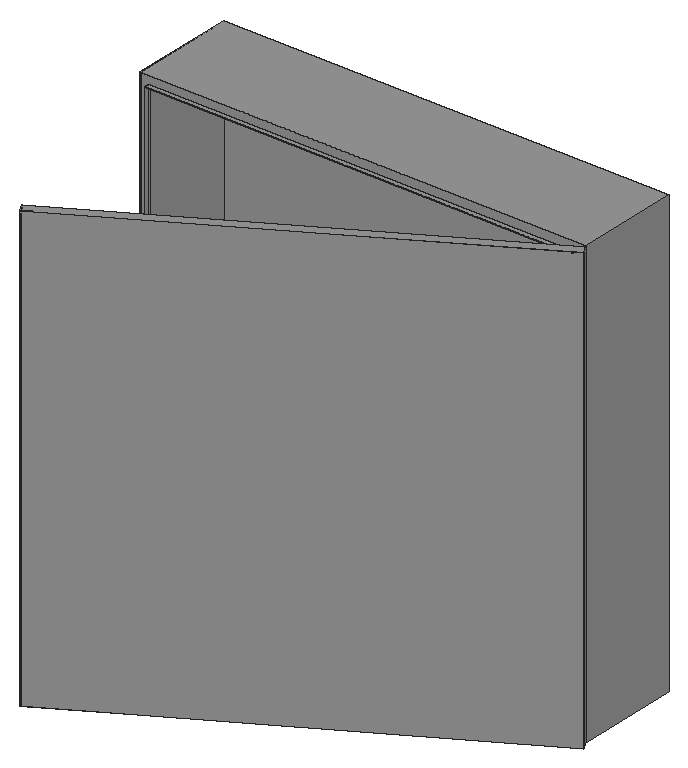
Revit family "Hager-Univers-IP54-D205-H800-Cl.II-Encl-NoHosted-NL-en", category Equipement électrique, Revit 2020
Family settings
  Configuration du panneau = Deux colonnes, circuits au sein
  Cote de connecteur circulaire = Utiliser le diamètre
  Type d'élément = Tableau de raccordement
  Basée sur le plan de construction = Oui
  Toujours verticalement = Oui
  Couper avec des vides une fois chargée = Non
  Partagée = Non
  Point de calcul de pièce = Non
Parameters (values of type "Surface mounted (plaster) IP54 W800 H800 D205  - FP53QSW")
  Width Control [instance] = if([EF000008 - Width] > Min Width, [EF000008 - Width], Min Width)  # 800 mm
  Commentaires du type = [HG000003 - Range]  # "Univers"
  Thickness Door [instance] = if([EF009171 - Material plate thickness door/cover] > 3 mm, 3 mm, [EF009171 - Material plate thickness door/cover])  # 1 mm
  Seal Frame Offset [instance] = 17 mm  # constant formula
  Plinth Visibility [instance] = [HG000027 - Plinth height] > 0 mm  # no
  Min Width [instance] = 100 mm  # constant formula
  Min Depth [instance] = (2 * [EF009170 - Material plate thickness cabinet]) + 1 mm  # 3 mm
  Min Height [instance] = 100 mm  # constant formula
  Internal Frame Depth [instance] = (Door System Depth * 0.5)  # 9 mm
  Panel Name [instance] = ""  # (empty or 0)
  Model = ""
  HG000027 - Plinth height = 0 mm
  HG000026 - Floor standing = no
  HG000024 - Bottom section height = 600 mm
  HG000023 - Double section enclosure = no
  HG000016 - Door 3d visibility [instance] = yes
  HG000015 - Clearance visibility [instance] = no
  HG000014 - Door on the right [instance] = yes
  HG000013 - Door on the left [instance] = not([HG000014 - Door on the right])  # no
  HG000012 - Door swing angle [instance] = 30.00°
  HG000010 - Asymmetric doors = no
  HG000009 - Double swing door = no
  HG000006 - Flush mounted = no
  HG000004 - Manufacturer reference = "FP53QSW"
  HG000003 - Range = "Univers"
  HG000002 - With door or cover = yes
  Frame Offset Bottom [instance] = 10 mm  # constant formula
  Frame Offset [instance] = 15 mm  # constant formula
  EF015940 - Cover with overpressure release = no
  EF011959 - Degree of protection (NEMA) = ""
  EF009554 - Number of openings for flange plates = 6
  EF009212 - Cover model = "EV000116 - Closed"
  EF009171 - Material plate thickness door/cover = 1 mm
  EF009170 - Material plate thickness cabinet = 1 mm
  EF008873 - Nominal current (In) = 250 A
  EF007800 - Suitable for lightning protection = no
  EF006306 - With lock = no
  EF006244 - Transparent cover/door = no
  EF005474 - Degree of protection (IP) = "EV006419 - IP54"
  EF004464 - Type of door = "EV002646 - Single"
  EF004427 - Number of modules = 180
  EF004293 - Impact strength = "EV006815 - IK09"
  EF003532 - Suitable for outdoor use = no
  EF002950 - Width in number of modular spacings = 36
  EF001613 - Circuit integrity = "EV000494 - None"
  EF001596 - Material housing = "EV000179 - Steel"
  EF001131 - Internal depth = 143 mm
  EF001088 - Extension possible = yes
  EF000437 - Number of conduit inlets = 6
  EF000339 - Type of cover = "EV001012 - Cover"
  EF000266 - Number of rows = 5
  EF000218 - Built-in depth = 0 mm
  EF000118 - With mounting plate = no
  EF000116 - RAL-number = "9010"
  EF000049 - Depth = 205 mm
  EF000040 - Height = 800 mm
  EF000008 - Width = 800 mm
  EF000007 - Colour = "EV000202 - White"
  EF000003 - Mounting method = "EV000384 - Surface mounted (plaster)"
  Door System Leaf Tolerance [instance] = 1.5 mm  # constant formula
  Door System Depth [instance] = 18 mm  # constant formula
  Door Height [instance] = Height Control - [HG000027 - Plinth height]  # 800 mm
  Description = ""
  Default Elevation = 1219.2 mm
  Connector Offset [instance] = Height Control / 2  # 400 mm
  Fabricant = "Hager"  # constant formula
  Height Control [instance] = if([EF000040 - Height] > Min Height, [EF000040 - Height], Min Height)  # 800 mm
  Depth Control [instance] = if([EF000049 - Depth] > Min Depth, [EF000049 - Depth], Min Depth)  # 205 mm
  Bottom Top Plate Trim [instance] = 1.5 mm  # constant formula
  Plinth height Ctrl [instance] = if([HG000027 - Plinth height] > 0 mm, [HG000027 - Plinth height], 12 mm)  # 12 mm
Types (2, lengths in mm): name | Width Control | HG000004 - Manufacturer reference | EF009554 - Number of openings for flange plates | EF004427 - Number of modules | EF002950 - Width in number of modular spacings | EF000437 - Number of conduit inlets | EF000008 - Width
  Surface mounted (plaster) IP54 W550 H800 D205  - FP52QSW | 550 | "FP52QSW" | 4 | 120 | 24 | 4 | 550
  Surface mounted (plaster) IP54 W800 H800 D205  - FP53QSW | 800 | "FP53QSW" | 6 | 180 | 36 | 6 | 800
Reference planes
  plane 1 "Center (Front/Back)": y = 0
  plane 2: z = 0
  plane 3 "Center (Left/Right)": x = 0
  plane 4: y = 0
  plane 5: y = 0
  plane 6: z = 0
  plane 7: x = -400
  plane 8: x = 400
  plane 9: x = 399
  plane 10: x = -399
  plane 11: z = 0
  plane 12: z = 1
  plane 13: y = -205
  plane 14: y = -1
  plane 15: x = 0
  plane 16: y = -187
  plane 17: y = -204
  plane 18: y = -186
  plane 19: x = -384
  plane 20: x = 384
  plane 21: z = 11
  plane 22: x = -383
  plane 23: x = 383
  plane 24: z = 0
  plane 25: z = 800
  plane 26: z = 800
  plane 27: z = 784
  plane 28: z = 799
Forms (mm)
  Extrusion 1, solid, material "Hager_Steel_RAL7035_Light_Grey", detail levels medium+fine
    sketch origin (-208.679, -4572, 0) x (-1, 0, 0) y (0, -1, 0)
      loop
        line (191.321, -4385) -> (-608.679, -4385) -> (-608.679, -4572) -> (191.321, -4572) -> (191.321, -4385)
    from 0 to 800
  Extrusion 2, void
    sketch origin (-350.771, -205, 1219.2) x (1, 0, 0) y (0, 0, 1)
      loop
        line (-48.229, -420.2) -> (-48.229, -1218.2) -> (749.771, -1218.2) -> (749.771, -420.2) -> (-48.229, -420.2)
    from -19 to -204
  Extrusion 3, void
    sketch origin (-290.084, -187, 1219.2) x (1, 0, 0) y (0, 0, 1)
      loop
        line (-93.916, -1208.2) -> (674.084, -1208.2) -> (674.084, -435.2) -> (-93.916, -435.2) -> (-93.916, -1208.2)
    from 0 to -1
  Extrusion 4, solid, material "Hager_Steel_RAL7035_Light_Grey", visible <- "Plinth Visibility", detail levels medium+fine
    sketch origin (0, 0, 0) x (1, 0, 0) y (0, 1, 0)
      loop
        line (-400, 0) -> (-400, -187) -> (400, -187) -> (400, 0) -> (-400, 0)
    from 0 to 12 <- "Plinth height Ctrl"
  Extrusion 5, solid, material "Hager_Steel_RAL7035_Light_Grey", detail levels coarse
    sketch origin (0, 0, 0) x (1, 0, 0) y (0, 1, 0)
      loop
        line (-400, 0) -> (-400, -205) -> (400, -205) -> (400, 0) -> (-400, 0)
    from 0 to 800 <- "Height Control"
  Sweep 6, void
    path in 3D
      loop
        line (-400, -187, 12) -> (400, -187, 12) -> (400, 0, 12) -> (-400, 0, 12) -> (-400, -187, 12)
    profile origin (-400, -93.5, 12) x (1, 0, 0) y (0, 0, 1)
      loop
        line (0, 0) -> (0, -1.5) -> (1.5, -1.5)
        arc (1.5, -1.5) -> (1.061, -0.439) -> (0, 0) r 1.5
  Extrusion 7, solid, material "Hager_Steel_RAL7035_Light_Grey", detail levels fine
    sketch origin (-400, -187, 0) x (1, 0, 0) y (0, 0, 1)
      loop
        line (16, 11) -> (784, 11) -> (784, 784) -> (16, 784) -> (16, 11)
      loop
        line (15, 10) -> (785, 10) -> (785, 785) -> (15, 785) -> (15, 10)
    from 0 to 9 <- "Internal Frame Depth"
Cuts and joins
  Extrusion 2, Extrusion 3 cuts Extrusion 1
  Sweep 6 cuts Extrusion 4
Lines and regions (mm)
  Masking region 1
    outline origin (0, 0, 0) x (1, 0, 0) y (0, 1, 0)
      loop
        line (-400, 0) -> (-400, -205) -> (400, -205) -> (400, 0) -> (-400, 0)
  Masking region 2, detail levels coarse
    outline origin (-290.084, -187, 1219.2) x (-1, 0, 0) y (0, 0, 1)
      loop
        line (-690.084, -1219.2) -> (109.916, -1219.2) -> (109.916, -419.2) -> (-690.084, -419.2) -> (-690.084, -1219.2)
  Masking region 3, detail levels coarse
    outline origin (0, 0, 0) x (0, 1, 0) y (0, 0, 1)
      loop
        line (0, 0) -> (0, 800) -> (-205, 800) -> (-205, 0) -> (0, 0)
  Masking region 4, visible <- "Plinth Visibility", detail levels medium+fine
    outline origin (0, 0, 0) x (0, 1, 0) y (0, 0, 1)
      loop
        line (-1.5, 12) -> (-185.5, 12)
        arc (-185.5, 12) -> (-185.939, 10.939) -> (-187, 10.5) r 1.5
        line (-187, 10.5) -> (-187, 0) -> (0, 0) -> (0, 10.5)
        arc (0, 10.5) -> (-1.061, 10.939) -> (-1.5, 12) r 1.5
  Masking region 5, detail levels medium+fine
    outline origin (0, 0, 594.038) x (0, 1, 0) y (0, 0, 1)
      loop
        line (0, -594.038) -> (0, 205.962) -> (-187, 205.962) -> (-187, -594.038) -> (0, -594.038)
  Masking region 6, detail levels medium+fine
    outline origin (-359.7, -187, 1211.883) x (-1, 0, 0) y (0, 0, 1)
      loop
        line (-759.7, -1211.883) -> (40.3, -1211.883) -> (40.3, -411.883) -> (-759.7, -411.883) -> (-759.7, -1211.883)
  Masking region 7, visible <- "Plinth Visibility", detail levels medium+fine
    outline origin (-320.334, -187, 1041.368) x (-1, 0, 0) y (0, 0, 1)
      loop
        line (-720.334, -1041.368) -> (79.666, -1041.368) -> (79.666, -1030.868)
        arc (79.666, -1030.868) -> (78.606, -1030.429) -> (78.166, -1029.368) r 1.5
        line (78.166, -1029.368) -> (-718.834, -1029.368)
        arc (-718.834, -1029.368) -> (-719.273, -1030.429) -> (-720.334, -1030.868) r 1.5
        line (-720.334, -1030.868) -> (-720.334, -1041.368)
  sketch lines
    curve 1: line (-400, 0, 12) -> (-400, -187, 12)
    curve 2: line (-400, -187, 12) -> (400, -187, 12)
    curve 3: line (400, 0, 12) -> (-400, 0, 12)
    curve 4: line (400, -187, 12) -> (400, 0, 12)
Dimensions and locks
  locked: plane 1 "Center (Front/Back)" to plane 5
  "EF009170 - Material plate thickness cabinet": plane 7 to plane 10
  "EF009170 - Material plate thickness cabinet": plane 8 to plane 9
  equal spacing: plane 7, plane 3 "Center (Left/Right)", plane 8
  "Width Control": plane 7 to plane 8
  "Depth Control": plane 4 to plane 13
  "EF009170 - Material plate thickness cabinet": plane 4 to plane 14
  "Height Control": plane 25 to level
  "HG000027 - Plinth height": plane 11 to level
  "EF009170 - Material plate thickness cabinet": plane 12 to plane 11
  "EF009170 - Material plate thickness cabinet": plane 17 to plane 13
  "EF009170 - Material plate thickness cabinet": plane 18 to plane 16
  "Frame Offset Bottom": plane 21 to plane 12
  "Frame Offset": plane 10 to plane 19
  "Frame Offset": plane 9 to plane 20
  "Door System Depth": plane 16 to plane 13
  "Seal Frame Offset": plane 7 to plane 22
  "Seal Frame Offset": plane 8 to plane 23
  "EF009170 - Material plate thickness cabinet": plane 26 to plane 28
  "Frame Offset": plane 28 to plane 27
  "Connector Offset": plane 2 to connector elem
  "Bottom Top Plate Trim": profile plane to Sweep 6 sketch curve
  "Bottom Top Plate Trim": Sweep 6 sketch curve to Sweep 6 sketch curve
  "Plinth height Ctrl": Masking region 4 sketch curve to level
  "Plinth height Ctrl": Masking region 7 sketch curve to level
  "Thickness Door": Extrusion 7 sketch curve to Extrusion 7 sketch curve  (x4)
  "Bottom Top Plate Trim": radius of Sweep 6 sketch curve
  "Bottom Top Plate Trim": radius of Masking region 4 sketch curve  (x2)
  "Bottom Top Plate Trim": radius of Masking region 7 sketch curve  (x2)
  aligned and locked: Extrusion 2 sketch curve to plane 12
  aligned and locked: Extrusion 2 sketch curve to plane 9
  aligned and locked: Extrusion 2 sketch curve to plane 10
  aligned and locked: Extrusion 2 to plane 14
  aligned and locked: Extrusion 1 sketch curve to plane 4
  aligned and locked: plane 8 to Extrusion 1 sketch curve
  aligned and locked: plane 7 to Extrusion 1 sketch curve
  aligned and locked: Extrusion 2 to plane 18
  aligned and locked: Extrusion 3 sketch curve to plane 19
  aligned and locked: plane 20 to Extrusion 3 sketch curve
  aligned and locked: Extrusion 3 to Extrusion 2
  aligned and locked: Extrusion 3 sketch curve to plane 21
  aligned and locked: plane 3 "Center (Left/Right)" to nested 1
  aligned and locked: Extrusion 1 sketch curve to plane 16
  aligned and locked: Extrusion 4 sketch curve to cut or joined group of Extrusion 1, Extrusion 2, Extrusion 3
  aligned and locked: Masking region 1 sketch curve to plane 7
  aligned and locked: Masking region 1 sketch curve to plane 5
  aligned and locked: Masking region 1 sketch curve to plane 8
  aligned and locked: Masking region 2 sketch curve to level
  aligned and locked: level to Masking region 3 sketch curve
  aligned and locked: plane 1 "Center (Front/Back)" to Masking region 3 sketch curve
  aligned and locked: plane 13 to Masking region 3 sketch curve
  aligned and locked: plane 5 to Masking region 4 sketch curve
  aligned and locked: Masking region 2 sketch curve to plane 8
  aligned and locked: Masking region 2 sketch curve to plane 7
  aligned and locked: plane 7 to nested 2
  aligned and locked: nested 2 to plane 5
  aligned and locked: plane 5 to Masking region 5 sketch curve
  aligned and locked: plane 26 to Masking region 5 sketch curve
  aligned and locked: Extrusion 5 sketch curve to plane 8
  aligned and locked: Extrusion 5 sketch curve to plane 7
  aligned and locked: Extrusion 5 sketch curve to plane 5
  aligned and locked: Extrusion 3 sketch curve to plane 27
  aligned and locked: Extrusion 2 sketch curve to plane 28
  aligned and locked: Masking region 2 to plane 25
  aligned and locked: Extrusion 4 to plane 16
  aligned and locked: profile plane to Sweep 6 sketch curve
  aligned and locked: Masking region 5 sketch curve to plane 24
  aligned and locked: level to Masking region 4 sketch curve
  aligned and locked: Masking region 1 to plane 13
  aligned and locked: nested 1 to plane 16
  aligned and locked: Masking region 3 to plane 25
  aligned and locked: plane 16 to Masking region 4 sketch curve
  aligned and locked: Masking region 5 sketch curve to plane 16
  aligned and locked: plane 24 to plane 11
  aligned and locked: plane 26 to plane 25
  aligned and locked: plane 26 to cut or joined group of Extrusion 1, Extrusion 2, Extrusion 3
  aligned and locked: nested 1 to plane 24
  aligned and locked: Extrusion 1 to Extrusion 3
  aligned and locked: Masking region 6 sketch curve to plane 8
  aligned and locked: Masking region 6 sketch curve to plane 24
  aligned and locked: Masking region 6 sketch curve to plane 7
  aligned and locked: Masking region 6 sketch curve to plane 26
  aligned and locked: Masking region 7 sketch curve to plane 7
  aligned and locked: level to Masking region 7 sketch curve
  aligned and locked: Masking region 7 sketch curve to plane 8
  aligned and locked: Extrusion 7 sketch curve to cut or joined group of Extrusion 1, Extrusion 2, Extrusion 3  (x4)
Automatic sketch dimensions
  plane 19 to Extrusion 3 sketch curve = 0 mm
  Extrusion 3 sketch curve to plane 20 = 0 mm
  Extrusion 3 sketch curve to plane 21 = 0 mm
  Extrusion 4 sketch curve to plane 7 = 0 mm
  Extrusion 4 sketch curve to plane 8 = 0 mm
  Extrusion 4 sketch curve to plane 16 = 0 mm
  Masking region 1 sketch curve to plane 13 = 0 mm
  Masking region 2 sketch curve to plane 25 = 0 mm
  Masking region 3 sketch curve to plane 25 = 0 mm
  Extrusion 5 sketch curve to plane 13 = 0 mm
  profile plane to Sweep 6 sketch curve = 0 mm
Nested families
  nested 1: "EC000058_Univers_Door" at (0, -187, 0), Double <- "HG000009 - Double swing door", Transparent <- "EF006244 - Transparent cover/door", Angle <- "HG000012 - Door swing angle", Door_Right <- "HG000014 - Door on the right", Assymetrical <- "HG000010 - Asymmetric doors", Door <- "HG000002 - With door or cover", Width_Ctrl <- "Width Control", 3d_Door <- "HG000016 - Door 3d visibility", Clearance <- "HG000015 - Clearance visibility", Door_Left <- "HG000013 - Door on the left", Width <- "Width Control", Door_Depth <- "Door System Depth", Leaf_Tolerance <- "Door System Leaf Tolerance", Height <- "Door Height", Lock_Visibility <- "EF006306 - With lock", Thickness <- "Thickness Door", type "EC000058_Univers_Door", detail levels medium+fine
    with min_wh 3 mm, Width_Ctrl 800 mm, Width 800 mm, Transparent no, Thickness 1 mm, Seal_Material Hager_Rubber, Lock_Visibility no, Lock_Material Hager_Plastic_RAL9005_Jet_Black, Leaf_Width 800 mm, Leaf_Tolerance_External_Sides 0 mm, Leaf_Tolerance 1.5 mm, Leaf_Offset 0 mm, Leaf_Height 797 mm, Leaf_2_Width 800 mm, Leaf_2_Offset 400 mm, Leaf_1_Width 800 mm, Leaf_1_Offset 400 mm, Height_Ctrl 800 mm, Height 800 mm, Glass_Material Hager_Glass, Double_Clearance_Ctrl no, Double no, Door_Right_Ctrl yes, Door_Right yes, Door_Material Hager_Steel_RAL7035_Light_Grey, Door_Left_Ctrl no, Door_Left no, Door_Depth 18 mm, Door yes, Clearance_Material Hager_Clearance, Clearance_Depth 800 mm, Clearance_Ctrl no, Clearance no, Assymetrical no, Angle 30.00°, 3d_Door yes
  nested 2: "Hager_Enclosure_Symbol" at (-400, 0, 0), Height <- "Depth Control", Width <- "Width Control", type "Hager_Enclosure_Symbol"
    with Width_Ctrl 800 mm, Width 800 mm, Height_Ctrl 205 mm, Height 205 mm, A_Width_Int 13.453 mm, A_Width 161.438 mm, A_Height_Ctrl 179.375 mm, A_Height 179.375 mm
Connectors
  electrical at (0, 0, 400)
    settings: on plane 1 "Center (Front/Back)", index 1, voltage 0 V, apparent load 0 VA, apparent load phase1 0 VA, apparent load phase2 0 VA, apparent load phase3 0 VA, power factor 1, load classification "Other", number of poles 1, system type 30, power factor state 1, is connector primary yes, connector utility no, sub classification motor no, connector description ""
Definition of nested family "EC000058_Univers_Door"
  Parameters (values of type "EC000058_Univers_Door")
    min_wh [instance] = (2 * Thickness) + 1 mm  # 11 mm
    Width_Ctrl [instance] = 400 mm
    Width [instance] = 500 mm
    Transparent [instance] = yes
    Thickness [instance] = 5 mm
    Seal_Material [instance] = none
    Lock_Visibility [instance] = yes
    Lock_Material [instance] = none
    Leaf_Width [instance] = if((Width_Ctrl - 2 * Leaf_Tolerance_External_Sides) > 0 mm, (Width_Ctrl - 2 * Leaf_Tolerance_External_Sides), min_wh)  # 400 mm
    Leaf_Tolerance_External_Sides [instance] = 0 mm  # constant formula
    Leaf_Tolerance [instance] = 1.5 mm
    Leaf_Offset [instance] = 0 mm  # constant formula
    Leaf_Height [instance] = if((Height_Ctrl - 2 * Leaf_Tolerance) > 0 mm, (Height_Ctrl - 2 * Leaf_Tolerance), min_wh)  # 497 mm
    Leaf_2_Width [instance] = if(and(and(Double, Assymetrical), Door_Left), (Leaf_Width / 3) - (Leaf_Tolerance / 2), if(and(and(Double, Assymetrical), Door_Right), (Leaf_Width / 3) * 2 - (Leaf_Tolerance / 2), if(and(Double, not(Assymetrical)), (Leaf_Width / 2) - Leaf_Tolerance, Leaf_Width)))  # 400 mm
    Leaf_2_Offset [instance] = if(and(Double, Assymetrical), Leaf_2_Width / 2, if(and(Double, not(Assymetrical)), Leaf_Width / 4, Leaf_Width / 2))  # 200 mm
    Leaf_1_Width [instance] = if(and(and(Double, Assymetrical), Door_Right), (Leaf_Width / 3) - (Leaf_Tolerance / 2), if(and(and(Double, Assymetrical), Door_Left), (Width / 3) * 2 - (Leaf_Tolerance / 2), if(and(Double, not(Assymetrical)), (Leaf_Width / 2) - Leaf_Tolerance, Leaf_Width)))  # 400 mm
    Leaf_1_Offset [instance] = if(and(Double, Assymetrical), Leaf_1_Width / 2, if(and(Double, not(Assymetrical)), Leaf_Width / 4, Leaf_Width / 2))  # 200 mm
    Height_Ctrl [instance] = if(Height > min_wh, Height, min_wh)  # 500 mm
    Height [instance] = 500 mm
    Glass_Material [instance] = none
    Double_Clearance_Ctrl [instance] = and(Double, Clearance)  # no
    Double [instance] = no
    Door_Right_Ctrl [instance] = and(or(Door_Right, Double), Door)  # yes
    Door_Right [instance] = yes
    Door_Material [instance] = none
    Door_Left_Ctrl [instance] = and(or(Door_Left, Double), Door)  # no
    Door_Left [instance] = no
    Door_Depth [instance] = 30 mm
    Door [instance] = yes
    Default Elevation = 1219.2 mm
    Clearance_Material [instance] = none
    Clearance_Depth [instance] = if(Leaf_1_Width > Leaf_2_Width, Leaf_1_Width, Leaf_2_Width)  # 400 mm
    Clearance_Ctrl [instance] = and(not(Double), Clearance)  # yes
    Clearance [instance] = yes
    Assymetrical [instance] = yes
    Angle [instance] = 30.00°
    3d_Door [instance] = yes
  Reference planes
    plane 1 "Center (Front/Back)": y = 0
    plane 2 "Bottom": z = 0
    plane 3 "Center (Left/Right)": x = 0
    plane 4: z = 500
    plane 5: x = -200
    plane 6: x = 200
    plane 7: z = 500
    plane 8: x = -200
    plane 9: z = 0
    plane 10: x = 200
    plane 11: y = 0
    plane 12: z = 1.5
    plane 13: x = -600
    plane 14: y = -400
    plane 15: x = 600
    plane 16: x = 0
    plane 17: x = 0
    plane 18: x = -200
    plane 19: x = 200
    plane 20: z = 498.5
  Forms (mm)
    Extrusion 1, solid, material <- "Clearance_Material", visible <- "Double_Clearance_Ctrl"
      sketch origin (1200, 0, 0) x (1, 0, 0) y (0, 0, -1)
        loop
          line (-1800, -498.5) -> (-600, -498.5) -> (-600, 0) -> (-1800, 0) -> (-1800, -498.5)
      from 0 to -400
  Dimensions and locks
    equal spacing: plane 5, plane 3 "Center (Left/Right)", plane 6
    "Width_Ctrl": plane 5 to plane 6
    "Leaf_Offset": plane 5 to plane 8
    "Leaf_Offset": plane 6 to plane 10
    "Leaf_Offset": plane 9 to level
    "Leaf_Offset": plane 4 to plane 7
    "Height_Ctrl": plane 4 to level
    "Leaf_Tolerance": plane 12 to plane 9
    locked: plane 11 to plane 1 "Center (Front/Back)"
    "Leaf_1_Offset": plane 18 to plane 16
    "Leaf_2_Offset": plane 17 to plane 19
    "Leaf_1_Width": plane 13 to plane 8
    "Leaf_2_Width": plane 10 to plane 15
    "Clearance_Depth": plane 14 to plane 1 "Center (Front/Back)"
    "Leaf_Tolerance_External_Sides": plane 8 to plane 18
    "Leaf_Tolerance_External_Sides": plane 19 to plane 10
    "Leaf_Tolerance": plane 7 to plane 20
    aligned and locked: level to plane 2 "Bottom"
    aligned and locked: nested 1 to plane 16
    aligned and locked: nested 2 to plane 17
    aligned and locked: Extrusion 1 to plane 13
    aligned and locked: plane 15 to Extrusion 1
    aligned and locked: Extrusion 1 to plane 14
    aligned and locked: plane 12 to nested 1
    aligned and locked: nested 2 to plane 12
    aligned and locked: Extrusion 1 to plane 11
    aligned and locked: plane 20 to Extrusion 1
    aligned and locked: nested 2 to plane 11
    aligned and locked: nested 1 to plane 11
  Automatic sketch dimensions
    Extrusion 1 sketch curve to level = 0 mm
    plane 5 to Extrusion 1 sketch curve = 400 mm
    plane 6 to Extrusion 1 sketch curve = 400 mm
    Extrusion 1 sketch curve to plane 4 = 1.5 mm
  Nested families
    nested 1: "EC000058_Univers_Door_Leaf" at (0, 0, 1.5), Width <- "Leaf_1_Width", visible <- "Door_Left_Ctrl", Leaf_Height <- "Leaf_Height", Angle <- "Angle", 3d_Door <- "3d_Door", Transparent <- "Transparent", Clearance Material <- "Clearance_Material", Clearance <- "Clearance_Ctrl", Door_Material <- "Door_Material", Glass_Material <- "Glass_Material", Door_Depth <- "Door_Depth", Lock_Material <- "Lock_Material", Seal_Material <- "Seal_Material", Lock_Visibility <- "Lock_Visibility", Thickness <- "Thickness", type "EC000058_Univers_Door_Leaf"
      with Width 400 mm, Transparent_Glass_Offset 30 mm, Transparent_Ctrl yes, Transparent yes, Thickness 5 mm, Standard no, Seal_Material none, Seal_D2 8 mm, Seal_D1 1 mm, Offset_Internal_Frame 10 mm, Lock_Width 20 mm, Lock_Visibility_3d yes, Lock_Visibility yes, Lock_Thickness_3 3 mm, Lock_Thickness_2 1 mm, Lock_Thickness_1 3 mm, Lock_Radius_Offset_2 16 mm, Lock_Radius_Offset_1 15 mm, Lock_Radius_2 5 mm, Lock_Radius 6 mm, Lock_Offset 5 mm, Lock_Material none, Lock_Height 80 mm, Lock_Cover_Top_Offset_2d 17 mm, Lock_Cover_Height -65 mm, Leaf_Height 497 mm, Internal_Seal_Thickness 8 mm, Internal_Seal_Depth_2 4.5 mm, Internal_Frame_Depth 25 mm, Glass_Thickness -1 mm, Glass_Offset -2 mm, Glass_Material none, Door_Material none, Door_Depth 30 mm, Clearance Material none, Clearance yes, Angle_Ctrl 30.00°, Angle 30.00°, 3d_Door yes
    nested 2: "EC000058_Univers_Door_Leaf" at (0, 0, 1.5) x (-1, 0, 0) z (0, 0, 1), Width <- "Leaf_2_Width", visible <- "Door_Right_Ctrl", Leaf_Height <- "Leaf_Height", Angle <- "Angle", 3d_Door <- "3d_Door", Transparent <- "Transparent", Clearance Material <- "Clearance_Material", Clearance <- "Clearance_Ctrl", Door_Material <- "Door_Material", Glass_Material <- "Glass_Material", Door_Depth <- "Door_Depth", Lock_Material <- "Lock_Material", Seal_Material <- "Seal_Material", Lock_Visibility <- "Lock_Visibility", Thickness <- "Thickness", type "EC000058_Univers_Door_Leaf"
      with Width 400 mm, Transparent_Glass_Offset 30 mm, Transparent_Ctrl yes, Transparent yes, Thickness 5 mm, Standard no, Seal_Material none, Seal_D2 8 mm, Seal_D1 1 mm, Offset_Internal_Frame 10 mm, Lock_Width 20 mm, Lock_Visibility_3d yes, Lock_Visibility yes, Lock_Thickness_3 3 mm, Lock_Thickness_2 1 mm, Lock_Thickness_1 3 mm, Lock_Radius_Offset_2 16 mm, Lock_Radius_Offset_1 15 mm, Lock_Radius_2 5 mm, Lock_Radius 6 mm, Lock_Offset 5 mm, Lock_Material none, Lock_Height 80 mm, Lock_Cover_Top_Offset_2d 17 mm, Lock_Cover_Height -65 mm, Leaf_Height 497 mm, Internal_Seal_Thickness 8 mm, Internal_Seal_Depth_2 4.5 mm, Internal_Frame_Depth 25 mm, Glass_Thickness -1 mm, Glass_Offset -2 mm, Glass_Material none, Door_Material none, Door_Depth 30 mm, Clearance Material none, Clearance yes, Angle_Ctrl 30.00°, Angle 30.00°, 3d_Door yes
  Definition of nested family "EC000058_Univers_Door_Leaf"
    Parameters (values of type "EC000058_Univers_Door_Leaf")
      Width [instance] = 2000 mm
      Transparent_Glass_Offset [instance] = 30 mm
      Transparent_Ctrl [instance] = and(Transparent, [3d_Door])  # yes
      Transparent [instance] = yes
      Thickness [instance] = 5 mm
      Standard [instance] = and(not(Transparent), [3d_Door])  # no
      Seal_Material [instance] = none
      Seal_D2 [instance] = 8 mm  # constant formula
      Seal_D1 [instance] = 1 mm  # constant formula
      Offset_Internal_Frame [instance] = 10 mm  # constant formula
      Lock_Width [instance] = 20 mm  # constant formula
      Lock_Visibility_3d [instance] = and(Lock_Visibility, [3d_Door])  # yes
      Lock_Visibility [instance] = yes
      Lock_Thickness_3 [instance] = 3 mm  # constant formula
      Lock_Thickness_2 [instance] = 1 mm  # constant formula
      Lock_Thickness_1 [instance] = 3 mm  # constant formula
      Lock_Radius_Offset_2 [instance] = Lock_Radius_Offset_1 + 1 mm  # 16 mm
      Lock_Radius_Offset_1 [instance] = 15 mm  # constant formula
      Lock_Radius_2 [instance] = Lock_Radius - 1 mm  # 5 mm
      Lock_Radius [instance] = 6 mm  # constant formula
      Lock_Offset [instance] = 5 mm  # constant formula
      Lock_Material [instance] = none
      Lock_Height [instance] = 80 mm  # constant formula
      Lock_Cover_Top_Offset_2d [instance] = Lock_Radius_Offset_2 + 1 mm  # 17 mm
      Lock_Cover_Height [instance] = -(Lock_Height - Lock_Radius_Offset_1)  # -65 mm
      Leaf_Height [instance] = 2720.336 mm
      Internal_Seal_Thickness [instance] = 8 mm  # constant formula
      Internal_Seal_Depth_2 [instance] = 4.5 mm  # constant formula
      Internal_Frame_Depth [instance] = if(Door_Depth - Thickness > 5 mm, Door_Depth - Thickness, 5 mm)  # 25 mm
      Glass_Thickness [instance] = if(Thickness > 15 mm, Glass_Offset + 10 mm, -1 mm)  # -1 mm
      Glass_Offset [instance] = if(Thickness > 15 mm, -(Thickness + 10 mm) / 2, -2 mm)  # -2 mm
      Glass_Material [instance] = none
      Door_Material [instance] = none
      Door_Depth [instance] = 30 mm
      Default Elevation = 0 mm
      Clearance Material [instance] = none
      Clearance [instance] = yes
      Angle_Ctrl [instance] = if(Angle > 180.00°, 180.00°, Angle)  # 90.00°
      Angle [instance] = 90.00°
      3d_Door [instance] = yes
    Reference planes
      plane 1 "Center (Front/Back)": y = 0
      plane 2: z = 0
      plane 3 "Center (Left/Right)": x = 0
      plane 4: y = 2000
      plane 5: x = -1000
      plane 6: x = 1000
      plane 7: x = -3000
      plane 8: z = 2720.336
      plane 9: z = 30
      plane 10: z = 2690.336
      plane 11: x = 970
      plane 12: x = -970
      plane 13: y = -3
      plane 14: z = 107.833
      plane 15: y = -5
      plane 16: y = -223.314
      plane 17: x = -1000
      plane 18: z = 1360.168
      plane 19: y = 30
    Forms (mm)
      Extrusion 1, solid, material <- "Clearance Material", visible <- "Clearance"
        sketch origin (0, 0, 0) x (1, 0, 0) y (0, 0, 1)
          loop
            line (-3000, 2720.336) -> (-3000, 0) -> (1000, 0) -> (1000, 2720.336) -> (-3000, 2720.336)
        from 0 to -2000
      Extrusion 2, solid, material <- "Door_Material", visible <- "Standard", detail levels medium+fine
        sketch origin (-1000, 0, 0) x (0, 1, 0) y (-1, 0, 0)
          loop
            line (0, 30) -> (0, 25) -> (2000, 25) -> (2000, 30) -> (0, 30)
        from 0 to 2720.336 <- "Leaf_Height"
      Extrusion 3, solid, material <- "Door_Material", visible <- "Transparent_Ctrl", detail levels medium+fine
        sketch origin (-1000, 0, 0) x (0, 1, 0) y (-1, 0, 0)
          loop
            line (0, 25) -> (2000, 25) -> (2000, 30) -> (0, 30) -> (0, 25)
        from 0 to 2720.336 <- "Leaf_Height"
      Extrusion 4, void
        sketch origin (-1025, 2000, 0) x (0, 1, 0) y (0, 0, -1)
          loop
            line (-30, -2690.336) -> (-30, -30) -> (-1970, -30) -> (-1970, -2690.336) -> (-30, -2690.336)
        from 0 to 5 <- "Thickness"
      Sweep 5, solid, material <- "Seal_Material", visible <- "Transparent_Ctrl", detail levels fine
        path in 3D
          loop
            line (-1025, 30, 30) -> (-1025, 30, 2690.336) -> (-1025, 1970, 2690.336) -> (-1025, 1970, 30) -> (-1025, 30, 30)
        profile origin (-1025, 1000, 30) x (1, 0, 0) y (0, 0, 1)
          loop
            line (0, 0) -> (0, -8) -> (1, -8) -> (1, 0) -> (0, 0)
      Extrusion 6, solid, material <- "Glass_Material", visible <- "Transparent_Ctrl", detail levels medium+fine
        sketch origin (-1030, 0, 0) x (0, 1, 0) y (0, 0, -1)
          loop
            line (1970, -2690.336) -> (1970, -30) -> (30, -30) -> (30, -2690.336) -> (1970, -2690.336)
        from -2 <- "Glass_Offset" to -1 <- "Glass_Thickness"
      Extrusion 7, solid, material <- "Door_Material", visible <- "3d_Door", detail levels medium+fine
        sketch origin (-1025, 2000, 0) x (0, -1, 0) y (0, 0, -1)
          loop
            line (0, -2720.336) -> (2000, -2720.336) -> (2000, 0) -> (0, 0) -> (0, -2720.336)
          loop
            line (1995, -5) -> (5, -5) -> (5, -2715.336) -> (1995, -2715.336) -> (1995, -5)
        from 0 to 25 <- "Internal_Frame_Depth"
      Sweep 8, solid, material <- "Seal_Material", visible <- "Transparent_Ctrl", detail levels fine
        path in 3D
          loop
            line (-1025, 0, 0) -> (-1025, 2000, 0) -> (-1025, 2000, 2720.336) -> (-1025, 0, 2720.336) -> (-1025, 0, 0)
        profile origin (-1025, 0, 1360.168) x (1, 0, 0) y (0, 1, 0)
          loop
            line (0, 10) -> (2.975, 10)
            arc (2.975, 10) -> (4.053, 10.447) -> (4.5, 11.525) r 1.525
            line (4.5, 11.525) -> (4.5, 16.527)
            arc (4.5, 16.527) -> (4.069, 17.569) -> (3.027, 18) r 1.473
            line (3.027, 18) -> (0, 18) -> (0, 10)
      Extrusion 9, solid, material <- "Lock_Material", visible <- "Lock_Visibility_3d", detail levels fine
        sketch origin (-1030, 0, 0) x (0, 1, 0) y (0, 0, -1)
          loop
            arc (1993.5, -1400.168) -> (1994.561, -1399.729) -> (1995, -1398.668) r 1.5
            line (1995, -1398.668) -> (1995, -1320.168) -> (1975, -1320.168) -> (1975, -1398.668)
            arc (1975, -1398.668) -> (1975.439, -1399.729) -> (1976.5, -1400.168) r 1.5
            line (1976.5, -1400.168) -> (1993.5, -1400.168)
        from 3 <- "Lock_Thickness_1" to 0
      Blend 10, solid, material <- "Lock_Material", visible <- "Lock_Visibility_3d", detail levels fine
        base sketch origin (-1033, 0, 0) x (0, 1, 0) y (0, 0, -1)
          loop
            line (1975, -1320.168) -> (1975, -1398.668)
            arc (1975, -1398.668) -> (1975.439, -1399.729) -> (1976.5, -1400.168) r 1.5
            line (1976.5, -1400.168) -> (1993.5, -1400.168)
            arc (1993.5, -1400.168) -> (1994.561, -1399.729) -> (1995, -1398.668) r 1.5
            line (1995, -1398.668) -> (1995, -1320.168) -> (1975, -1320.168)
        top sketch origin (-1033, 0, 0) x (0, 1, 0) y (0, 0, -1)
          loop
            line (1976, -1320.168) -> (1976, -1398.668)
            arc (1976, -1398.668) -> (1976.146, -1399.022) -> (1976.5, -1399.168) r 0.5
            line (1976.5, -1399.168) -> (1993.5, -1399.168)
            arc (1993.5, -1399.168) -> (1993.854, -1399.022) -> (1994, -1398.668) r 0.5
            line (1994, -1398.668) -> (1994, -1320.168) -> (1976, -1320.168)
        from 0 to 1 <- "Lock_Thickness_2"
      Blend 11, solid, material <- "Lock_Material", visible <- "Lock_Visibility_3d", detail levels fine
        base sketch origin (-1034, 0, 0) x (0, 1, 0) y (0, 0, -1)
          loop
            line (1978, -1320.168) -> (1978, -1384.168)
            arc (1978, -1384.168) -> (1985, -1391.168) -> (1992, -1384.168) r 7
            line (1992, -1384.168) -> (1992, -1320.168) -> (1978, -1320.168)
        top sketch origin (-1034, 0, 0) x (0, 1, 0) y (0, 0, -1)
          loop
            line (1991, -1320.168) -> (1979, -1320.168) -> (1979, -1383.168)
            arc (1979, -1383.168) -> (1985, -1389.168) -> (1991, -1383.168) r 6
            line (1991, -1383.168) -> (1991, -1320.168)
        from 0 to 3 <- "Lock_Thickness_3"
      Extrusion 12, solid, material <- "Lock_Material", visible <- "Lock_Visibility_3d", detail levels fine
        sketch origin (-1030, 1975, 1320.168) x (1, 0, 0) y (0, -1, 0)
          loop
            line (-7, -19) -> (-7, -1) -> (0, -1) -> (0, 0) -> (-8, 0) -> (-8, -20) -> (0, -20) -> (0, -19) -> (-7, -19)
        from 0 to -65 <- "Lock_Cover_Height"
      Extrusion 13, void
        sketch origin (-1038, 1995, 1320.168) x (-1, 0, 0) y (0, 0, -1)
          loop
            line (-5, -65) -> (0, -65) -> (-5, -60) -> (-5, -65)
        from 0 to 20 <- "Lock_Width"
      Extrusion 14, void
        sketch origin (-1038, 1975, 1320.168) x (0, -1, 0) y (0, 0, -1)
          loop
            circle (-10, -15.995) r 6
          loop
            circle (-10, -15.995) r 5
        from 0 to 2
      Extrusion 15, solid, material <- "Lock_Material", visible <- "Lock_Visibility_3d", detail levels medium
        sketch origin (-1030, 0, 0) x (0, 1, 0) y (0, 0, -1)
          loop
            arc (1993.5, -1400.168) -> (1994.561, -1399.729) -> (1995, -1398.668) r 1.5
            line (1995, -1398.668) -> (1995, -1320.168) -> (1975, -1320.168) -> (1975, -1398.668)
            arc (1975, -1398.668) -> (1975.439, -1399.729) -> (1976.5, -1400.168) r 1.5
            line (1976.5, -1400.168) -> (1993.5, -1400.168)
        from 8 to 0
    Cuts and joins
      Extrusion 4 cuts Extrusion 3
      Extrusion 13, Extrusion 14 cuts Extrusion 9
      Extrusion 14 cuts Blend 11
      Extrusion 13, Extrusion 14 cuts Extrusion 12
      joined: Extrusion 9, Blend 10, Blend 11, Extrusion 12
      Extrusion 14 cuts Extrusion 15
    Lines and regions (mm)
      Masking region 1, visible <- "Lock_Visibility", detail levels fine
        outline origin (0, 0, 0) x (0, 1, 0) y (0, 0, 1)
          loop
            line (30, 1320.168) -> (33, 1320.168) -> (33, 1400.168) -> (30, 1400.168) -> (30, 1320.168)
      Masking region 2, visible <- "Lock_Visibility", detail levels fine
        outline origin (0, 3.143, 0) x (0, 1, 0) y (0, 0, 1)
          loop
            line (29.857, 1354.168) -> (30.857, 1354.168) -> (30.857, 1366.168) -> (29.857, 1366.168) -> (29.857, 1354.168)
      Masking region 3, detail levels medium+fine
        outline origin (0, 0, 0) x (0, 1, 0) y (0, 0, 1)
          loop
            line (0, 0) -> (30, 0) -> (30, 2720.336) -> (0, 2720.336) -> (0, 0)
      Masking region 4, detail levels medium+fine
        outline origin (0, 0, 0) x (1, 0, 0) y (0, 0, 1)
          loop
            line (-1000, 2720.336) -> (-1000, 0) -> (1000, 0) -> (1000, 2720.336) -> (-1000, 2720.336)
      Masking region 5, visible <- "Lock_Visibility", detail levels fine
        outline origin (-47.116, 0, 0) x (1, 0, 0) y (0, 0, 1)
          loop
            arc (1024.616, 1399.168) -> (1023.556, 1398.729) -> (1023.116, 1397.668) r 1.5
            line (1023.116, 1397.668) -> (1023.116, 1320.168) -> (1041.116, 1320.168) -> (1041.116, 1397.668)
            arc (1041.116, 1397.668) -> (1040.677, 1398.729) -> (1039.616, 1399.168) r 1.5
            line (1039.616, 1399.168) -> (1024.616, 1399.168)
      Masking region 6, visible <- "Lock_Visibility", detail levels medium+fine
        outline origin (-25, 0, 0) x (1, 0, 0) y (0, 0, 1)
          loop
            arc (1001.5, 1400.168) -> (1000.439, 1399.729) -> (1000, 1398.668) r 1.5
            line (1000, 1398.668) -> (1000, 1320.168) -> (1020, 1320.168) -> (1020, 1398.668)
            arc (1020, 1398.668) -> (1019.561, 1399.729) -> (1018.5, 1400.168) r 1.5
            line (1018.5, 1400.168) -> (1001.5, 1400.168)
      Masking region 7, visible <- "Lock_Visibility", detail levels fine
        outline origin (-73.735, 0, 0) x (1, 0, 0) y (0, 0, 1)
          loop
            line (1051.735, 1382.168) -> (1065.735, 1382.168) -> (1065.735, 1384.168)
            arc (1065.735, 1384.168) -> (1058.735, 1391.168) -> (1051.735, 1384.168) r 7
            line (1051.735, 1384.168) -> (1051.735, 1382.168)
      Masking region 8, visible <- "Lock_Visibility", detail levels fine
        outline origin (-73.735, 0, 0) x (1, 0, 0) y (0, 0, 1)
          loop
            line (1052.735, 1382.168) -> (1064.735, 1382.168) -> (1064.735, 1383.168)
            arc (1064.735, 1383.168) -> (1058.735, 1389.168) -> (1052.735, 1383.168) r 6
            line (1052.735, 1383.168) -> (1052.735, 1382.168)
      Masking region 9, visible <- "Lock_Visibility", detail levels fine
        outline origin (-25, 0, 0) x (1, 0, 0) y (0, 0, 1)
          loop
            line (1020, 1320.168) -> (1020, 1382.168) -> (1000, 1382.168) -> (1000, 1320.168) -> (1020, 1320.168)
      Masking region 10, detail levels medium+fine
        outline origin (0, 0, 0) x (1, 0, 0) y (0, 0, 1)
          loop
            circle (985, 1335.144) r 6
      Masking region 11, detail levels fine
        outline origin (0, 0, 0) x (1, 0, 0) y (0, 0, 1)
          loop
            circle (985, 1335.144) r 5
      Masking region 12, visible <- "Lock_Visibility", detail levels fine
        outline origin (0, 12.767, 0) x (0, 1, 0) y (0, 0, 1)
          loop
            line (20.233, 1320.168) -> (21.233, 1320.168) -> (21.233, 1399.168) -> (20.233, 1400.168) -> (20.233, 1320.168)
      Masking region 13, visible <- "Lock_Visibility", detail levels fine
        outline origin (0, 13.767, -10) x (0, 1, 0) y (0, 0, 1)
          loop
            line (20.233, 1330.168) -> (23.233, 1330.168) -> (23.233, 1399.168) -> (20.233, 1402.168) -> (20.233, 1330.168)
      Masking region 14, visible <- "Lock_Visibility", detail levels fine
        outline origin (0, 12.767, -10) x (0, 1, 0) y (0, 0, 1)
          loop
            line (20.233, 1330.168) -> (25.233, 1330.168) -> (25.233, 1399.305) -> (20.233, 1394.305) -> (20.233, 1330.168)
      Masking region 15, visible <- "Lock_Visibility", detail levels medium
        outline origin (0, 0, 0) x (0, 1, 0) y (0, 0, 1)
          loop
            line (30, 1320.168) -> (38, 1320.168) -> (38, 1400.168) -> (30, 1400.168) -> (30, 1320.168)
      Masking region 16, visible <- "Lock_Visibility", detail levels fine
        outline origin (-1000, 0, 0) x (0, 1, 0) y (-1, 0, 0)
          loop
            line (1975, 30) -> (1995, 30) -> (1995, 38) -> (1975, 38) -> (1975, 30)
          loop
            line (1979, 37) -> (1976, 37) -> (1976, 34) -> (1978, 34) -> (1979, 37)
          loop
            line (1994, 37) -> (1991, 37) -> (1992, 34) -> (1994, 34) -> (1994, 37)
      Masking region 17, visible <- "Lock_Visibility", detail levels medium
        outline origin (-1000, 0, 0) x (0, 1, 0) y (-1, 0, 0)
          loop
            line (1975, 30) -> (1995, 30) -> (1995, 38) -> (1975, 38) -> (1975, 30)
      symbolic lines
        curve 1: line (1000, 0, 0) -> (-3000, 0, 0)
        curve 2: arc (1000, 0, 0) -> (-1000, 2000, 0) -> (-3000, 0, 0) r 2000
        curve 4: line (-1030, 0, 0) -> (-1030, 2000, 0)
      reference lines
        curve 3: line (-1000, 0, 0) -> (-1000, 2000, 0)
      symbolic lines, detail levels medium+fine
        curve 5: line (-1030, 2000, 0) -> (-1025, 2000, 0)
        curve 7: line (-1025, 0, 0) -> (-1030, 0, 0)
        curve 8: line (-1025, 0, 0) -> (-1000, 0, 0)
        curve 9: line (-1000, 0, 0) -> (-1000, 2000, 0)
        curve 10: line (-1000, 2000, 0) -> (-1025, 2000, 0)
      symbolic lines, detail levels fine
        curve 6: line (-1025, 2000, 0) -> (-1025, 0, 0)
      sketch lines
        curve 11: line (-1025, 0, 2720.336) -> (-1025, 0, 0)
        curve 12: line (-1025, 2000, 0) -> (-1025, 0, 0)
        curve 13: line (-1025, 2000, 2720.336) -> (-1025, 2000, 0)
        curve 14: line (-1025, 0, 2720.336) -> (-1025, 2000, 2720.336)
        curve 15: line (-1025, 1970, 30) -> (-1025, 30, 30)
        curve 16: line (-1025, 30, 30) -> (-1025, 30, 2690.336)
        curve 17: line (-1025, 1970, 2690.336) -> (-1025, 1970, 30)
        curve 18: line (-1025, 30, 2690.336) -> (-1025, 1970, 2690.336)
      symbolic lines, visible <- "Transparent", detail levels medium+fine
        curve 19: line (-970, 0, 2690.336) -> (970, 0, 2690.336)
        curve 20: line (-970, 0, 30) -> (-970, 0, 2690.336)
        curve 21: line (970, 0, 30) -> (-970, 0, 30)
        curve 22: line (970, 0, 2690.336) -> (970, 0, 30)
    Dimensions and locks
      "Width": plane 1 "Center (Front/Back)" to plane 4
      equal spacing: plane 5, plane 3 "Center (Left/Right)", plane 6
      "Width": plane 5 to plane 6
      "Width": plane 7 to plane 5
      "Leaf_Height": plane 8 to level
      "Width": curve 5 to curve 3
      "Width": curve 3 to curve 3
      plane 8 to plane 10 = 30 mm
      plane 9 to level = 30 mm
      plane 12 to plane 5 = 30 mm
      plane 6 to plane 11 = 30 mm
      Extrusion 1 to Extrusion 4 sketch curve = 30 mm
      "Transparent_Glass_Offset": curve 3 to Extrusion 4 sketch curve
      "Transparent_Glass_Offset": Extrusion 4 sketch curve to cut or joined group of Extrusion 3, Extrusion 4  (x2)
      cut or joined group of Extrusion 3, Extrusion 4 to Extrusion 6 sketch curve = 30 mm
      "Transparent_Glass_Offset": cut or joined group of Extrusion 3, Extrusion 4 to Extrusion 4 sketch curve
      "Thickness": curve 6 to curve 4
      "Thickness": Extrusion 7 sketch curve to Extrusion 7 sketch curve  (x4)
      "Door_Depth": curve 4 to curve 3
      "Offset_Internal_Frame": profile plane to Sweep 8 sketch curve
      "Internal_Seal_Thickness": Sweep 8 sketch curve to Sweep 8 sketch curve
      "Internal_Seal_Depth_2": profile plane to Sweep 8 sketch curve
      "Seal_D1": profile plane to Sweep 5 sketch curve
      "Seal_D2": profile plane to Sweep 5 sketch curve
      "Thickness": Extrusion 2 sketch curve to Extrusion 2 sketch curve
      equal spacing: Extrusion 9 sketch curve, plane 18, Extrusion 9 sketch curve  (x2)
      equal spacing: Masking region 1 sketch curve, plane 18, Masking region 1 sketch curve
      "Lock_Height": Masking region 1 sketch curve to Masking region 1 sketch curve
      "Lock_Radius": Masking region 2 sketch curve to plane 18 to Masking region 2 sketch curve
      Masking region 2 sketch curve to Masking region 1 = 1 mm
      "Door_Depth": plane 19 to plane 1 "Center (Front/Back)"
      "Lock_Thickness_1": Masking region 1 sketch curve to plane 19
      "Lock_Width": Extrusion 9 sketch curve to Extrusion 9 sketch curve
      "Lock_Height": Extrusion 9 sketch curve to Extrusion 9 sketch curve
      "Lock_Offset": cut or joined group of Extrusion 3, Extrusion 4 to Extrusion 9 sketch curve
      equal spacing: plane 8, plane 18, level
      "Lock_Radius_Offset_1": Blend 11 sketch curve to Blend 10
      locked: Blend 10 to Blend 11 sketch curve at 2  (x2)
      locked: var sketch to Blend 11 sketch curve at 1  (x2)
      "Lock_Radius_Offset_2": Blend 11 sketch curve to Blend 10
      locked: Extrusion 12 sketch curve to Extrusion 12 sketch curve at 1  (x3)
      Masking region 6 sketch curve to Masking region 6 sketch curve = 80 mm
      "Lock_Height": Masking region 6 sketch curve to Masking region 6 sketch curve
      "Lock_Width": Masking region 6 sketch curve to Masking region 6 sketch curve
      locked: Masking region 6 to Masking region 5 sketch curve at 1  (x3)
      locked: Masking region 5 to Masking region 7 sketch curve at 2  (x2)
      "Lock_Radius_Offset_1": Masking region 5 to Masking region 7 sketch curve
      "Lock_Radius_Offset_2": Masking region 5 to Masking region 8 sketch curve
      locked: Masking region 7 to Masking region 8 sketch curve at 1  (x2)
      "Lock_Cover_Top_Offset_2d": Masking region 5 to Masking region 9 sketch curve
      equal spacing: Masking region 9, Masking region 10 sketch curve, Masking region 9
      equal spacing: Masking region 9, Masking region 11 sketch curve, Masking region 9
      Extrusion 15 sketch curve to Extrusion 15 sketch curve = 80 mm
      "Lock_Width": Extrusion 15 sketch curve to Extrusion 15 sketch curve
      "Lock_Height": Extrusion 15 sketch curve to Extrusion 15 sketch curve
      equal spacing: Extrusion 15 sketch curve, plane 18, Extrusion 15 sketch curve
      "Lock_Thickness_3": Masking region 13 sketch curve to Masking region 13 sketch curve
      "Lock_Height": Masking region 12 sketch curve to Masking region 12 sketch curve
      locked: Masking region 13 sketch curve to Masking region 1 at 8
      locked: Masking region 14 sketch curve to Masking region 13 at 1
      locked: Masking region 14 sketch curve to Masking region 1 at 10.863
      "Lock_Height": Masking region 15 sketch curve to Masking region 15 sketch curve
      "Lock_Offset": Extrusion 15 sketch curve to cut or joined group of Extrusion 3, Extrusion 4
      "Lock_Offset": plane 6 to Masking region 6 sketch curve
      radius of Sweep 8 sketch curve = 1.525 mm
      radius of Sweep 8 sketch curve = 1.473 mm
      radius of Extrusion 9 sketch curve = 1.5 mm  (x2)
      "Lock_Radius": radius of Extrusion 14 sketch curve
      "Lock_Radius_2": radius of Extrusion 14 sketch curve
      "Lock_Radius": radius of Masking region 10 sketch curve
      "Lock_Radius_2": radius of Masking region 11 sketch curve
      radius of Extrusion 15 sketch curve = 1.5 mm  (x2)
      "Angle_Ctrl": angle plane 1 "Center (Front/Back)" to curve 3
      locked: Masking region 12 sketch curve to Masking region 12 sketch curve (angle 45.00°)
      locked: Masking region 13 sketch curve to Masking region 13 sketch curve (angle 45.00°)
      locked: Masking region 14 sketch curve to Masking region 14 sketch curve (angle 45.00°)
      aligned and locked: level to plane 2
      aligned and locked: Extrusion 1 to curve 1
      aligned and locked: plane 6 to Extrusion 1
      aligned and locked: Extrusion 1 to plane 1 "Center (Front/Back)"
      aligned and locked: plane 4 to Extrusion 1
      aligned and locked: plane 8 to Extrusion 1
      aligned and locked: curve 7 to Extrusion 2 sketch curve
      aligned and locked: curve 5 to Extrusion 2 sketch curve
      aligned and locked: curve 7 to Extrusion 3 sketch curve
      aligned and locked: Extrusion 3 sketch curve to curve 4
      aligned and locked: Extrusion 3 sketch curve to curve 6
      aligned and locked: Extrusion 3 sketch curve to curve 5
      aligned and locked: curve 9 to curve 3
      aligned and locked: Extrusion 7 sketch curve to cut or joined group of Extrusion 3, Extrusion 4  (x4)
      aligned and locked: plane 17 to curve 3
      aligned and locked: plane 1 "Center (Front/Back)" to curve 3
      aligned and locked: plane 17 to plane 5
      aligned and locked: Sweep 8 sketch curve to profile plane
      aligned and locked: Sweep 5 sketch curve to profile plane  (x2)
      aligned and locked: Masking region 1 to Masking region 2 sketch curve
      aligned and locked: plane 19 to Masking region 1 sketch curve
      aligned and locked: plane 1 "Center (Front/Back)" to Masking region 3 sketch curve
      aligned and locked: plane 19 to Masking region 3 sketch curve
      aligned and locked: level to Masking region 3 sketch curve
      aligned and locked: Masking region 3 sketch curve to plane 8
      aligned and locked: plane 17 to Masking region 4 sketch curve
      aligned and locked: level to Masking region 4 sketch curve
      aligned and locked: Masking region 4 sketch curve to plane 8
      aligned and locked: plane 12 to curve 20
      aligned and locked: plane 10 to curve 19
      aligned and locked: plane 11 to curve 22
      aligned and locked: curve 21 to plane 9
      aligned and locked: Extrusion 2 sketch curve to cut or joined group of Extrusion 3, Extrusion 4
      aligned and locked: Blend 10 sketch curve to Extrusion 9  (x4)
      aligned and locked: Extrusion 9 to Blend 10 sketch curve
      aligned and locked: Blend 10 to Blend 11 sketch curve
      aligned and locked: Extrusion 12 sketch curve to Blend 11
      aligned and locked: Extrusion 12 sketch curve to Extrusion 9  (x4)
      aligned and locked: Masking region 5 sketch curve to Masking region 6
      aligned and locked: Masking region 9 sketch curve to Masking region 6  (x3)
      aligned and locked: Masking region 12 sketch curve to Masking region 1
      aligned and locked: Masking region 13 sketch curve to Masking region 1
      aligned and locked: Masking region 12 to Masking region 14
      aligned and locked: Masking region 14 sketch curve to Masking region 1
      aligned and locked: Masking region 15 sketch curve to Masking region 14
      aligned and locked: Masking region 13 sketch curve to Masking region 12
      aligned and locked: Masking region 16 sketch curve to cut or joined group of Extrusion 14, Extrusion 15  (x4)
      aligned and locked: Masking region 16 sketch curve to cut or joined group of Extrusion 9, Blend 10, Blend 11, Extrusion 12, Extrusion 13, Extrusion 14  (x6)
      aligned and locked: cut or joined group of Extrusion 9, Blend 10, Blend 11, Extrusion 12, Extrusion 13, Extrusion 14 to Masking region 16 sketch curve
      aligned and locked: Masking region 17 sketch curve to cut or joined group of Extrusion 14, Extrusion 15  (x3)
      aligned and locked: Masking region 17 sketch curve to cut or joined group of Extrusion 9, Blend 10, Blend 11, Extrusion 12, Extrusion 13, Extrusion 14
      aligned and locked: Masking region 9 to Masking region 8 sketch curve
      aligned and locked: Masking region 9 to Masking region 7 sketch curve
    Automatic sketch dimensions
      plane 1 "Center (Front/Back)" to curve 2 = 0 mm
      curve 2 to plane 5 = 0 mm
      Extrusion 1 sketch curve to level = 0 mm
      Extrusion 1 sketch curve to plane 7 = 0 mm
      Extrusion 1 sketch curve to plane 6 = 0 mm
      Extrusion 1 sketch curve to plane 8 = 0 mm
      Extrusion 3 to Extrusion 6 sketch curve = 30 mm  (x4)
      Masking region 4 sketch curve to plane 6 = 0 mm
      Blend 10 sketch curve to Extrusion 9 = 1.5 mm
      Blend 10 sketch curve to Extrusion 9 = 1 mm
      Extrusion 13 sketch curve to Extrusion 12 = 0 mm  (x2)
      Extrusion 12 to Extrusion 13 sketch curve = 3 mm
      Extrusion 13 sketch curve to Extrusion 12 = 5 mm
      Extrusion 14 sketch curve to Extrusion 14 sketch curve = 0 mm  (x2)
      Extrusion 14 sketch curve to Extrusion 12 = 10 mm
      Extrusion 14 sketch curve to Extrusion 12 = 15.995 mm
      Masking region 5 sketch curve to Masking region 5 sketch curve = 1.5 mm  (x2)
      Masking region 10 sketch curve to plane 18 = 25.024 mm
      Masking region 11 sketch curve to plane 18 = 25.024 mm
      plane 19 to Masking region 14 sketch curve = 3 mm
      Masking region 16 sketch curve to Masking region 16 sketch curve = 3 mm
      curve 4 to curve 3 = 0 mm
      Blend 10 to Blend 11 sketch curve = 0 mm
      Masking region 6 sketch curve to Masking region 6 sketch curve = 1.5 mm  (x2)
      Masking region 6 sketch curve to plane 18 = 40 mm
      plane 19 to Masking region 12 sketch curve = 3 mm
      Masking region 12 sketch curve to Masking region 12 sketch curve = 1 mm
      Masking region 15 sketch curve to plane 19 = 0 mm
      Masking region 15 sketch curve to plane 18 = 40 mm
      radius of Blend 10 sketch curve to Extrusion 9 = 1 mm
Definition of nested family "Hager_Enclosure_Symbol"
  Parameters (values of type "Hager_Enclosure_Symbol")
    Width_Ctrl [instance] = if(Width > 1 mm, Width, 1 mm)  # 102.27 mm
    Width [instance] = 102.27 mm
    Height_Ctrl [instance] = if(Height > 1 mm, Height, 1 mm)  # 66.5 mm
    A_Width_Int [instance] = if(A_Width / 12 > 2 mm, A_Width / 12, 2 mm)  # 4.364 mm
    A_Width [instance] = if(A_Height_Ctrl * 0.9 > 2 mm, A_Height_Ctrl * 0.9, 2 mm)  # 52.369 mm
    A_Height_Ctrl [instance] = if(A_Height > 2 mm, A_Height, 2 mm)  # 58.188 mm
    Height [instance] = 66.5 mm
    A_Height [instance] = Height - (Height / 8)  # 58.188 mm
  Reference planes
    plane 1 "Centre (avant/arrière)": y = 0
    plane 2: z = 0
    plane 3 "Centre (gauche/droite)": x = 0
    plane 4: x = 52.369
    plane 5: y = 33.042
    plane 6: y = 41.77
    plane 7: y = 66.5
    plane 8: x = 26.184
    plane 9: y = 37.406
    plane 10: x = 102.27
    plane 11: y = 66.5
    plane 12: y = 8.313
  Lines and regions (mm)
    Filled region 1, type "Solid_Black", in view "Niveau de réf."
      outline origin (0, 0, 0) x (1, 0, 0) y (0, 1, 0)
        loop
          line (52.369, 66.5) -> (33.188, 54.536) -> (45.365, 45.006) -> (52.369, 66.5)
    Filled region 2, type "Solid_Black", in view "Niveau de réf."
      outline origin (0, 0, 0) x (1, 0, 0) y (0, 1, 0)
        loop
          line (0, 0) -> (102.27, 0) -> (102.27, 66.5) -> (0, 0)
    detail lines, in view "Niveau de réf."
      curve 1: line (0, 8.313, 0) -> (26.184, 41.77, 0)
      curve 2: line (26.184, 41.77, 0) -> (26.184, 33.042, 0)
      curve 3: line (26.184, 33.042, 0) -> (52.369, 66.5, 0)
  Dimensions and locks
    "A_Width": plane 3 "Centre (gauche/droite)" to plane 4
    equal spacing: plane 3 "Centre (gauche/droite)", plane 8, plane 4
    equal spacing: plane 6, plane 9, plane 5
    equal spacing: curve 3, Filled region 1 sketch curve, Filled region 1 sketch curve
    "Height_Ctrl": plane 1 "Centre (avant/arrière)" to plane 11
    "A_Height_Ctrl": plane 11 to plane 12
    equal spacing: plane 11, plane 9, plane 12
    "A_Width_Int": plane 6 to plane 9
    "Width_Ctrl": plane 3 "Centre (gauche/droite)" to plane 10
    angle Filled region 1 sketch curve to curve 3 = 20.00°
    angle curve 3 to Filled region 1 sketch curve = 20.00°
    locked: curve 3 to Filled region 1 sketch curve (angle 90.00°)
    aligned and locked: plane 10 to Filled region 2
    aligned and locked: plane 11 to Filled region 2 sketch curve
    aligned and locked: plane 10 to Filled region 2 sketch curve
    aligned and locked: plane 3 "Centre (gauche/droite)" to curve 1
    aligned and locked: plane 12 to curve 1
    aligned and locked: plane 7 to plane 11
  Automatic sketch dimensions
    Filled region 1 sketch curve to plane 4 = 0 mm
    Filled region 1 sketch curve to plane 7 = 0 mm
    plane 1 "Centre (avant/arrière)" to Filled region 2 sketch curve = 0 mm
    Filled region 2 sketch curve to plane 3 "Centre (gauche/droite)" = 0 mm
    curve 2 to plane 6 = 0 mm
    curve 2 to plane 8 = 0 mm
    curve 3 to plane 4 = 0 mm
    curve 2 to plane 5 = 0 mm
    curve 3 to plane 7 = 0 mm
